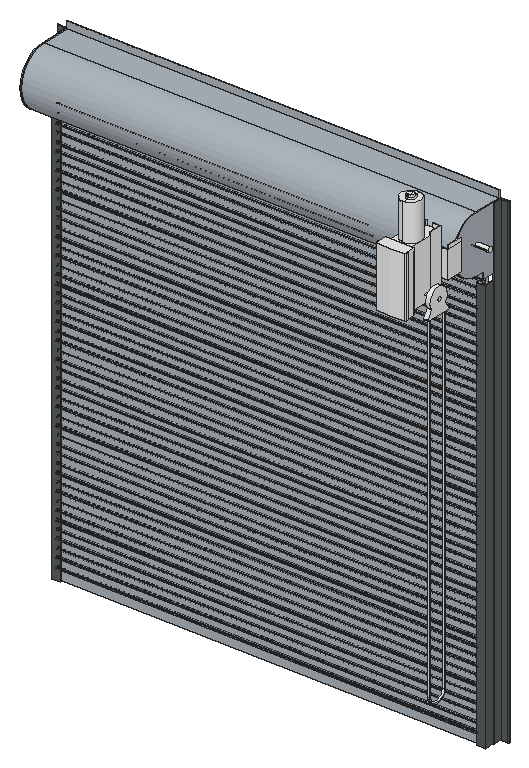
Revit family "Doors_Fire-Doors-Shutters_Wayne-Dalton_Insulated-Fire-Rated-Doors-FireStar-Model-700C_", category Specialty Equipment, host Wall, Revit 2019
Family settings
  Host = Wall
  Round Connector Dimension = Use Diameter
  Part Type = Normal
  OmniClass Number = 23.30.10.21.34
  OmniClass Title = Industrial Doors
  Always vertical = Yes
  Cut with Voids When Loaded = Yes
  Shared = No
  Room Calculation Point = No
Parameters (values of type "115 volts, one phase, 60 Hz (110-120V range)")
  X Motor [instance] = size_lookup(Lookup Table, if(Face Of Wall Mounting, "X Motor F", "X Motor B"), 10", Width Count, Height Count)  # 18 1/2"
  HM Warning [instance] = if(or(not(Chain Hoist), not(Lift Up)), size_lookup(Lookup Table, if(Face Of Wall Mounting, "Warning Motor F", "Warning Motor B"), 1, Width Count, Height Count) = 1, 0 = 1)  # no
  HC Warning [instance] = if(or(Chain Hoist, Lift Up), size_lookup(Lookup Table, if(Face Of Wall Mounting, "Warning Chain F", "Warning Chain B"), 1, Width Count, Height Count) = 1, 0 = 1)  # no
  Y Motor [instance] = size_lookup(Lookup Table, if(Face Of Wall Mounting, "Y Motor F", "Y Motor B"), 10", Width Count, Height Count)  # 17"
  Y Chain [instance] = size_lookup(Lookup Table, if(Face Of Wall Mounting, "Y Chain F", "Y Chain B"), 10", Width Count, Height Count)  # 17"
  Width Count [instance] = if(or(Opening Width < 120", Opening Width = 120"), 10, if(or(Opening Width < 192", Opening Width = 192"), 16, 20))  # 10
  Warning Sign [instance] = if(Calculated Area > 324.00 SF, 1 = 1, 1 = 2)  # no
  Warning (Note) [instance] = if(Warning Sign, "The Door Area is out of the limit; please adjust accordingly. The maximum allowed area is 324 sq. ft.", if(or(HM Warning, HC Warning), "Headroom Clearance Dimensions - out of the limits. Consult Factory", " "))  # " "
  Wall Thickness [instance] = 6"
  Voltage = 115 V
  True Opening Width [instance] = if(Between Jambs Mounting, Door Width True, Clear Width)  # 120"
  True Opening Height [instance] = if(Between Jambs Mounting, Clear Height + Headroom Height, Clear Height)  # 120"
  Slat Type [instance] = "№34"  # constant formula
  Slat Length [instance] = Clear Width + G Value * 2 - 1" / 2 * 2  # 124 5/8"
  Slat Height [instance] = 12 1/4"  # constant formula
  Slat [instance] = 1  # constant formula
  Side Room Right [instance] = 10"  # constant formula
  Side Room Left [instance] = 6"  # constant formula
  Product Page URL = "https://www.wayne-dalton.com/commercial-fire-doors-700c"
  Power Factor = 1
  Powder Coat (Note) = "Wayne Dalton also offers approximately 200 RAL powder coat options to complement the exterior colors of a building."  # constant formula
  Operator Visibility = yes
  Operation (Note) [instance] = "Door could operate by manual push, crank, electrical operator or chain hoist. Manual push up and crank could be used up to 80 sf, for larger door sizes you have to use Chain Hoist operator."  # constant formula
  Opening Width Real [instance] = if(Opening Width > Max Opening Width, Max Opening Width, if(Opening Width < Min Opening Width, Min Opening Width, Opening Width))  # 120"
  Opening Width [instance] = 120"
  Opening Height Real [instance] = if(Opening Height > Max Opening Height, Max Opening Height, if(Opening Height < Min Opening Height, Min Opening Height, Opening Height))  # 120"
  Opening Height [instance] = 120"
  One Array element [instance] = not(Array Vis)  # no
  Number of Poles = 1
  Motor Type [instance] = if(Between Jambs Mounting, "GCL Front of Hood", if(Motor Option < 2, "GCL Front of Hood", "GCL Wall Mount"))  # "GCL Front of Hood"
  Motor Selection (Note) [instance] = "Generic operator shown. Contact Wayne Dalton when dimensions are critical. "  # constant formula
  Motor Position [instance] = if(or(Chain Hoist, Lift Up, Motor Option Real = 1), G Value, 225/256" + 2 13/16")  # 2 13/16"
  Motor Option Real [instance] = if(Between Jambs Mounting, 1, if(Motor Option < 2, 1, 3))  # 1
  Motor Option [instance] = 1
  Min Opening Width [instance] = if(Between Jambs Mounting, 18" + Side Room Right + Side Room Left, 18")  # 18"
  Min Opening Height [instance] = if(Between Jambs Mounting, 24" + Headroom Height, 24")  # 24"
  Max Opening Width [instance] = 288"  # constant formula
  Max Opening Height [instance] = 288"  # constant formula
  Material Finish [instance] = 700C : Standard - Gray
  M Value [instance] = G Value + 1/2"  # 3 5/16"
  Lookup Table [instance] = "Hood Dimensions"  # constant formula
  Lift Up = no
  Jambs Offset L [instance] = if(Between Jambs Mounting, Side Room Left, 0")  # 0"
  Jambs Offset R [instance] = if(Between Jambs Mounting, Side Room Right, 0")  # 0"
  Installation Real [instance] = if(Between Jambs Mounting, if((Wall Thickness / 2 - Guid Depth / 2) < 0", 0", Wall Thickness / 2 - Guid Depth / 2), Wall Thickness)  # 6"
  Hood Type [instance] = "Round Hood"  # constant formula
  Hood Offset [instance] = 2"  # constant formula
  Hood Material [instance] = Metal - Wayne Dalton - Gray
  Hood Height [instance] = if(or(Chain Hoist, Lift Up), X Chain - 2", X Motor - 2")  # 16 1/2"
  X Chain [instance] = size_lookup(Lookup Table, if(Face Of Wall Mounting, "X Chain F", "X Chain B"), 10", Width Count, Height Count)  # 18 1/2"
  Height Count [instance] = if(or(Opening Height < 120", Opening Height = 120"), 10, if(or(Opening Height < 144", Opening Height = 144"), 12, if(or(Opening Height < 168", Opening Height = 168"), 14, if(or(Opening Height < 192", Opening Height = 192"), 16, if(or(Opening Height < 216", Opening Height = 216"), 18, 20)))))  # 10
  Headroom Height Lift [instance] = if(or(Chain Hoist, Lift Up), X Chain + Hood Offset, X Motor + Hood Offset)  # 20 1/2"
  Headroom Height [instance] = if(Between Jambs Mounting, Headroom Height Lift, Headroom Height Lift + 2")  # 22 1/2"
  Guide Type [instance] = if(Between Jambs Mounting, "Angled Between Jambs Z Guide", "Angled Z Guide")  # "Angled Z Guide"
  Guide Option [instance] = if(Between Jambs Mounting, 1, 2)  # 2
  Guid Depth [instance] = if(Between Jambs Mounting, D Value + 1/4", D Value)  # 5 1/2"
  G Value [instance] = 2 13/16"  # constant formula
  Frequency = 60 Hz
  Face of Wall Offset [instance] = if(Between Jambs Mounting, 0", 5")  # 5"
  Face Of Wall Mounting [instance] = not(Between Jambs Mounting)  # yes
  Door Width True [instance] = if(Between Jambs Mounting, Clear Width + Side Room Right + Side Room Left, Clear Width + M Value * 2)  # 126 5/8"
  Door Width (Real) [instance] = if(Between Jambs Mounting, Clear Width, Clear Width + 1" / 2)  # 120 1/2"
  Door Height True [instance] = Clear Width + Headroom Height  # 142 1/2"
  Door Height (Real) [instance] = Clear Height + Hood Offset  # 122"
  URL = "https://www.wayne-dalton.com/"
  Product data url = "https://www.bimobject.com/wayne-dalton/product/commercial-fire-doors-700c"
  Product Guid = "9f00e588-995a-41a3-b95e-30d0c432c3c2"
  Model = "700C"  # constant formula
  Manufacturer = "Wayne Dalton"  # constant formula
  Wall Closure = By host
  Floor To (CL) of Shaft [instance] = Clear Height + Hood Offset + 2" + Hood Height / 2  # 132 1/4"
  Finish Material = Finish - Wayne Dalton - Black
  Description = "FIRESTAR Model 700C Insulated Fire Door R-Value 5.0, U-Factor 0.2"  # constant formula
  D Value Clearance [instance] = if(Between Jambs Mounting, D Value + 1/4", D Value)  # 5 1/2"
  D Value [instance] = 5 1/2"  # constant formula
  Clearance [instance] = no
  Clear Width [instance] = if(Between Jambs Mounting, Opening Width Real - Side Room Right - Side Room Left, Opening Width Real)  # 120"
  Clear Height [instance] = if(Between Jambs Mounting, Opening Height Real - Headroom Height, Opening Height Real)  # 120"
  Chain Hoist = no
  Current = 20 A
  Connector Array Distance = 0"  # constant formula
  Connector Array = if(Chain Hoist, 2, 3)  # 3
  Between Jambs Mounting [instance] = no
  Bar [instance] = if(Face Of Wall Mounting, 1 = 1, 1 = 2)  # yes
  Backroom Depth [instance] = if(or(Chain Hoist, Lift Up), Y Chain, Y Motor)  # 17"
  BJ Opening Cut [instance] = if(Between Jambs Mounting, Headroom Height, 0")  # 0"
  Array Vis [instance] = if(Array < 2, 1 = 2, 1 = 1)  # yes
  Array Real [instance] = if(Array < 2, 2, Array)  # 10
  Array Length [instance] = (Array) * Slat Height  # 122 1/2"
  Array [instance] = rounddown(([Door Height (Real)] - 3") / Slat Height) + 1  # 10
  Calculated Area [instance] = [Door Width (Real)] * [Door Height (Real)]  # 102.09 SF
  Apparent Load Phase 3 = if(Number of Poles = 1, 0 VA, (Voltage * Current * sqrt(3)) / 3)  # 0 VA
  Apparent Load Phase 2 = if(Number of Poles = 1, 0 VA, (Voltage * Current * sqrt(3)) / 3)  # 0 VA
  Apparent Load Phase 1 = if(Number of Poles = 1, Voltage * Current, (Voltage * Current * sqrt(3)) / 3)  # 2300 VA
Reference planes (in)
  plane 1 "Center (Front/Back)": y = -14.625
  plane 2 "Center (Left/Right)": x = 0
  plane 3 "Left": x = -60
  plane 4 "Right": x = 60
  plane 5 "Exterior": y = -8.625
  plane 6 "Interior": y = -14.625
  plane 7: x = 70
  plane 8: x = -66
  plane 9: z = 120
  plane 10 "Main": y = -19.48437
  plane 11 "Backroom Depth": y = -31.625
  plane 12 "Main Door Block": y = -14.625
  plane 13 "Bottom Bar": z = 2.75
  plane 14: y = -20.125
  plane 15: z = 125.25
  plane 16: z = 140.5
  plane 17: z = 122
  plane 18: z = 142.5
  plane 19: z = 0
  plane 20: z = 60
  plane 21: y = -19.375
  plane 22 "Double Main": y = -18.906
  plane 23 "Headroom Top": z = 142.5
  plane 24: z = 132.25
  plane 25: x = 62.8125
  plane 26: x = -62.8125
  plane 27: z = 113
  plane 28: z = 124
  plane 29: x = 62.8125
  plane 30: x = -66
  plane 31: x = 70
  plane 32: z = 2.75
  plane 33: y = -19.375
  plane 34: z = 113
  plane 35: y = -19.375
  plane 36: z = 15
  plane 37: y = -19.375
  plane 38: z = 27.25
  plane 39: y = -19.375
  plane 40: z = 39.5
  plane 41: y = -19.375
  plane 42: z = 51.75
  plane 43: y = -19.375
  plane 44: z = 64
  plane 45: y = -19.375
  plane 46: z = 76.25
  plane 47: y = -19.375
  plane 48: z = 88.5
  plane 49: y = -19.375
  plane 50: z = 100.75
  plane 51: y = -19.375
Forms (in)
  Extrusion 1, void
    sketch origin (0, -14.625, 0) x (0, 0, -1) y (-1, 0, 0)
      loop
        line (-120, 60) -> (-120, -60) -> (0, -60) -> (0, 60) -> (-120, 60)
    from 0 to 6
  Extrusion 2, solid, material "Metal - Wayne Dalton - Gray" <- "Hood Material", visible <- "Bar"
    sketch origin (0, 0, 0) x (0, 1, 0) y (0, 0, 1)
      loop
        line (-14.875, 140.5) -> (-14.625, 140.5) -> (-14.625, 142.5) -> (-14.875, 142.5) -> (-14.875, 140.5)
    from -62.5625 to 62.5625
  Extrusion 3, solid, material "Clearance - Wayne Dalton - Red", visible <- "Clearance"
    sketch origin (0, 0, 0) x (1, 0, 0) y (0, 1, 0)
      loop
        line (70, -14.625) -> (60, -14.625) -> (60, -20.125) -> (70, -20.125) -> (70, -14.625)
      loop
        line (-60, -14.625) -> (-66, -14.625) -> (-66, -20.125) -> (-60, -20.125) -> (-60, -14.625)
    from 0 to 122
Lines and regions (in)
  symbolic lines, visible <- "Bar"
    curve 1: line (62.5625, -14.625, 0) -> (-62.5625, -14.625, 0)
    curve 2: line (-62.5625, -14.875, 0) -> (62.5625, -14.875, 0)
Text (in)
  text "Exterior" at (-74.96733, 27.31104, 0), in view "Ref. Level"
  text "Interior" at (-74.96733, -25.14366, 0), in view "Ref. Level"
  text "Exterior" at (0, 40.15149, 123.01588), in view "Right"
  text "Interior" at (0, -64.39139, 123.01588), in view "Right"
  text "Interior" at (0, -31.01599, 123.00693), in view "Left"
  text "Exterior" at (0, 54.57065, 123.00693), in view "Left"
Dimensions and locks (in)
  equal spacing: plane 3 "Left", plane 2 "Center (Left/Right)", plane 4 "Right"
  "Clear Width": plane 3 "Left" to plane 4 "Right"
  level to host wall = 459.59655"
  "Clear Height": level to plane 9
  plane 7 to plane 8 = 136"
  locked: plane 13 "Bottom Bar" to level at 2.75
  locked: plane 14 to plane 10 "Main" at 0.64063
  "Array Length": plane 15 to plane 13 "Bottom Bar"
  "Backroom Depth": plane 11 "Backroom Depth" to plane 12 "Main Door Block"
  locked: plane 18 to plane 16 at 2
  locked: Extrusion 2 sketch curve to Extrusion 2 sketch curve at 0.25
  "Installation Real": plane 1 "Center (Front/Back)" to plane 5 "Exterior"
  "Wall Thickness": host wall to host wall
  equal spacing: plane 9, plane 20, plane 19
  locked: plane 10 "Main" to plane 21 at 0.10937
  locked: plane 10 "Main" to plane 22 "Double Main" at 0.57837
  "BJ Opening Cut": Extrusion 1 sketch curve to plane 9
  locked: Extrusion 2 sketch curve to Extrusion 2 sketch curve at 2
  "Hood Offset": plane 17 to plane 9
  "Headroom Height": plane 23 "Headroom Top" to plane 9
  "Floor To (CL) of Shaft": plane 24 to level
  "Jambs Offset R": plane 4 "Right" to Extrusion 1 sketch curve
  "Jambs Offset L": Extrusion 1 sketch curve to plane 3 "Left"
  "G Value": plane 25 to plane 4 "Right"
  "G Value": plane 3 "Left" to plane 26
  "Guid Depth": plane 14 to plane 1 "Center (Front/Back)"
  "Slat Height": plane 15 to plane 27
  equal spacing: group 1, group 3, group 4, group 5, group 6, group 7, group 8, group 9, group 10, group 2  (x3)
  "Side Room Right": plane 4 "Right" to plane 7
  "Side Room Left": plane 8 to plane 3 "Left"
  locked: plane 25 to Extrusion 2 at 0.25
  locked: plane 26 to Extrusion 2 at 0.25
  locked: plane 28 to plane 17 at 2
  "Hood Height": plane 16 to plane 28
  "Motor Position": plane 4 "Right" to plane 29
  "Side Room Left": plane 30 to plane 3 "Left"
  "Side Room Right": plane 4 "Right" to plane 31
  "D Value Clearance": Extrusion 3 sketch curve to Extrusion 3 sketch curve
  aligned and locked: plane 5 "Exterior" to host wall
  aligned and locked: host wall to plane 6 "Interior"
  aligned and locked: level to Extrusion 1 sketch curve
  aligned and locked: Extrusion 1 to plane 5 "Exterior"
  aligned and locked: plane 6 "Interior" to Extrusion 1
  aligned and locked: plane 16 to nested 1
  aligned and locked: Extrusion 2 sketch curve to plane 18
  aligned and locked: plane 6 "Interior" to Extrusion 2 sketch curve
  aligned and locked: curve 1 to Extrusion 2  (x2)
  aligned and locked: curve 2 to Extrusion 2  (x2)
  aligned and locked: Extrusion 2 to curve 2
  aligned and locked: nested 1 to plane 5 "Exterior"
  aligned and locked: level to plane 19
  aligned and locked: plane 2 "Center (Left/Right)" to nested 2
  aligned and locked: nested 3 to plane 2 "Center (Left/Right)"
  aligned and locked: nested 4 to plane 20
  aligned and locked: plane 2 "Center (Left/Right)" to nested 4
  aligned and locked: plane 13 "Bottom Bar" to nested 6
  aligned and locked: plane 21 to nested 6
  aligned and locked: nested 4 to plane 21
  aligned and locked: plane 19 to nested 13
  aligned and locked: nested 13 to plane 2 "Center (Left/Right)"
  aligned and locked: nested 13 to plane 1 "Center (Front/Back)"
  aligned and locked: nested 1 to plane 29
  aligned and locked: Extrusion 3 sketch curve to plane 1 "Center (Front/Back)"
  aligned and locked: Extrusion 3 sketch curve to plane 31
  aligned and locked: Extrusion 3 sketch curve to plane 4 "Right"
  aligned and locked: plane 1 "Center (Front/Back)" to Extrusion 3 sketch curve
  aligned and locked: Extrusion 3 sketch curve to plane 30
  aligned and locked: Extrusion 3 sketch curve to plane 3 "Left"
  aligned and locked: Extrusion 3 sketch curve to Extrusion 3 sketch curve
  aligned and locked: Extrusion 3 to level
  aligned and locked: plane 17 to Extrusion 3
  aligned and locked: plane 13 "Bottom Bar" to plane 32
  aligned and locked: plane 21 to plane 33
  aligned and locked: plane 27 to plane 34
  aligned and locked: plane 35 to plane 21
  aligned and locked: plane 12 "Main Door Block" to plane 1 "Center (Front/Back)"
Automatic sketch dimensions
  plane 25 to curve 1 = 1/4"
Nested families (in)
  nested 1: "Motor" at (57.873, -39.205, 121.18), visible <- "Operator Visibility", type "Trolley Motor"
    with Vertical Mount 19.32", Hood Width Real 17", Hood Width 17", Hood Height 16 1/2", Floor To Cl Shaft 132 1/4", Box Width 25 1/2"
  nested 2: "Label Annotation 1" at (0, 18.375, 0), visible <- "Warning Sign", type "Label Annotation 1"
  nested 3: "Label Annotation 1" at (0, -41.625, 0) x (-1, 0, 0) z (0, 0, 1), visible <- "Warning Sign", type "Label Annotation 1"
  nested 4: "Warning Sign" at (0, -19.375, 60), visible <- "Warning Sign", type "Warning Sign"
    with Warning Sign no
  nested 5: "700C" at (0, -19.375, 2.75), Opening Width <- "Slat Length", type <- "Material Finish", visible <- "Array Vis", type "Standard - Gray"
    with Void Width 3/4", Void Offset 1", Void Height 3/4", Slat Width 3/4", Slat Position + Offset 13.146", Slat Position 12 1/4", Slat Option 1, Secure-Vent no, Profile #34 yes, Perforation no, Opening Width 124 5/8", Integrated Cutout no, Half Void Width 3/8", Fenestration no, Cutout Width Offset 1", Cutout Vertical Offset 0.896", #4 no, # 34 yes
  nested 6: "700C" at (0, -19.375, 2.75), visible <- "One Array element", Opening Width <- "Slat Length", type <- "Material Finish", type "Standard - Gray"
    with Void Width 3/4", Void Offset 1", Void Height 3/4", Slat Width 3/4", Slat Position + Offset 13.146", Slat Position 12 1/4", Slat Option 1, Secure-Vent no, Profile #34 yes, Perforation no, Opening Width 124 5/8", Integrated Cutout no, Half Void Width 3/8", Fenestration no, Cutout Width Offset 1", Cutout Vertical Offset 0.896", #4 no, # 34 yes
  nested 7: "700C" at (0, -19.375, 113), Opening Width <- "Slat Length", type <- "Material Finish", visible <- "Array Vis", type "Standard - Gray"
    with Void Width 3/4", Void Offset 1", Void Height 3/4", Slat Width 3/4", Slat Position + Offset 13.146", Slat Position 12 1/4", Slat Option 1, Secure-Vent no, Profile #34 yes, Perforation no, Opening Width 124 5/8", Integrated Cutout no, Half Void Width 3/8", Fenestration no, Cutout Width Offset 1", Cutout Vertical Offset 0.896", #4 no, # 34 yes
  nested 8: "700C" at (0, -19.375, 15), Opening Width <- "Slat Length", type <- "Material Finish", visible <- "Array Vis", type "Standard - Gray"
    with Void Width 3/4", Void Offset 1", Void Height 3/4", Slat Width 3/4", Slat Position + Offset 13.146", Slat Position 12 1/4", Slat Option 1, Secure-Vent no, Profile #34 yes, Perforation no, Opening Width 124 5/8", Integrated Cutout no, Half Void Width 3/8", Fenestration no, Cutout Width Offset 1", Cutout Vertical Offset 0.896", #4 no, # 34 yes
  nested 9: "700C" at (0, -19.375, 27.25), Opening Width <- "Slat Length", type <- "Material Finish", visible <- "Array Vis", type "Standard - Gray"
    with Void Width 3/4", Void Offset 1", Void Height 3/4", Slat Width 3/4", Slat Position + Offset 13.146", Slat Position 12 1/4", Slat Option 1, Secure-Vent no, Profile #34 yes, Perforation no, Opening Width 124 5/8", Integrated Cutout no, Half Void Width 3/8", Fenestration no, Cutout Width Offset 1", Cutout Vertical Offset 0.896", #4 no, # 34 yes
  nested 10: "700C" at (0, -19.375, 39.5), Opening Width <- "Slat Length", type <- "Material Finish", visible <- "Array Vis", type "Standard - Gray"
    with Void Width 3/4", Void Offset 1", Void Height 3/4", Slat Width 3/4", Slat Position + Offset 13.146", Slat Position 12 1/4", Slat Option 1, Secure-Vent no, Profile #34 yes, Perforation no, Opening Width 124 5/8", Integrated Cutout no, Half Void Width 3/8", Fenestration no, Cutout Width Offset 1", Cutout Vertical Offset 0.896", #4 no, # 34 yes
  nested 11: "700C" at (0, -19.375, 51.75), Opening Width <- "Slat Length", type <- "Material Finish", visible <- "Array Vis", type "Standard - Gray"
    with Void Width 3/4", Void Offset 1", Void Height 3/4", Slat Width 3/4", Slat Position + Offset 13.146", Slat Position 12 1/4", Slat Option 1, Secure-Vent no, Profile #34 yes, Perforation no, Opening Width 124 5/8", Integrated Cutout no, Half Void Width 3/8", Fenestration no, Cutout Width Offset 1", Cutout Vertical Offset 0.896", #4 no, # 34 yes
  nested 12: "700C" at (0, -19.375, 64), Opening Width <- "Slat Length", type <- "Material Finish", visible <- "Array Vis", type "Standard - Gray"
    with Void Width 3/4", Void Offset 1", Void Height 3/4", Slat Width 3/4", Slat Position + Offset 13.146", Slat Position 12 1/4", Slat Option 1, Secure-Vent no, Profile #34 yes, Perforation no, Opening Width 124 5/8", Integrated Cutout no, Half Void Width 3/8", Fenestration no, Cutout Width Offset 1", Cutout Vertical Offset 0.896", #4 no, # 34 yes
  nested 13: "Lifts" at (0, -14.625, 0) x (-1, 0, 0) z (0, 0, 1), type "Frame Unit"
    with Round Hood yes, No Hood no, Void Offset 2", Side Clearance R 10", Side Clearance L 6", Manual no, Hood Height 18 1/2", Headroom Height Real 20 1/2", Half Hood Height 18 1/2", Shaft Offset 8 1/4", Radius Hood 8 1/4", Headroom Height 20 1/2", Header Width 17", Floor To (CL) of Shaft 132 1/4"
  nested 14: "700C" at (0, -19.375, 76.25), Opening Width <- "Slat Length", type <- "Material Finish", visible <- "Array Vis", type "Standard - Gray"
    with Void Width 3/4", Void Offset 1", Void Height 3/4", Slat Width 3/4", Slat Position + Offset 13.146", Slat Position 12 1/4", Slat Option 1, Secure-Vent no, Profile #34 yes, Perforation no, Opening Width 124 5/8", Integrated Cutout no, Half Void Width 3/8", Fenestration no, Cutout Width Offset 1", Cutout Vertical Offset 0.896", #4 no, # 34 yes
  nested 15: "700C" at (0, -19.375, 88.5), Opening Width <- "Slat Length", type <- "Material Finish", visible <- "Array Vis", type "Standard - Gray"
    with Void Width 3/4", Void Offset 1", Void Height 3/4", Slat Width 3/4", Slat Position + Offset 13.146", Slat Position 12 1/4", Slat Option 1, Secure-Vent no, Profile #34 yes, Perforation no, Opening Width 124 5/8", Integrated Cutout no, Half Void Width 3/8", Fenestration no, Cutout Width Offset 1", Cutout Vertical Offset 0.896", #4 no, # 34 yes
  nested 16: "700C" at (0, -19.375, 100.75), Opening Width <- "Slat Length", type <- "Material Finish", visible <- "Array Vis", type "Standard - Gray"
    with Void Width 3/4", Void Offset 1", Void Height 3/4", Slat Width 3/4", Slat Position + Offset 13.146", Slat Position 12 1/4", Slat Option 1, Secure-Vent no, Profile #34 yes, Perforation no, Opening Width 124 5/8", Integrated Cutout no, Half Void Width 3/8", Fenestration no, Cutout Width Offset 1", Cutout Vertical Offset 0.896", #4 no, # 34 yes
Connectors (in)
  electrical at (60.861, -39.51377, 131.7498), driven by "Apparent Load Phase 1", driven by "Power Factor", driven by "Voltage", driven by "Apparent Load Phase 2", driven by "Apparent Load Phase 3", driven by "Number of Poles"
    settings: on nested 1, index 1, voltage 115 V, apparent load 0 VA, apparent load phase1 2300 VA, apparent load phase2 0 VA, apparent load phase3 0 VA, power factor 1, load classification "Other", number of poles 1, system type 31, power factor state 1, is connector primary yes, connector utility no, sub classification motor no, connector description "Electrical Connector"
Definition of nested family "Motor"
  Parameters (values of type "Trolley Motor")
    Wall Mount = if(Main Motor, if(Motor Option > 1, 1 = 1, 1 = 2), 1 = 2)  # no
    Side Room = 10"
    Real Exterior Wall Offset = if(Wall Mount, Displacement, Exterior Wall Offset)  # 6"
    Offset = Side Room - G Value  # 7 3/16"
    Manual = no
    Main Motor = if(or(Manual, Chain Hoist), 1 = 2, 1 = 1)  # yes
    Horizontal Mount = if(Face Mount, 5.08" + 0.12" + 2.38", if(Wall Mount, 5.08", 0"))  # 7.58"
    Vertical Mount = if(Face Mount, 11.07" + Hood Height / 2, if(Wall Mount, 20.03" + 6" + Hood Height / 2, Hood Height))  # 18.57"
    Motor Type = if(Motor Option < 2, "RSX FDO Face Mount", if(Motor Option = 2, "RSX FDO Top Mount", if(Motor Option = 3, "RSX Wall Mount", if(Motor Option = 4, "RSX Bench Mount", "Chain Hoist"))))  # "RSX FDO Face Mount"
    Motor Option = 1
    Main Material = none
    Hood Width Real = if(Wall Mount, 0", Hood Width)  # 18 1/2"
    Hood Width = 18 1/2"
    Hood Material = none
    Hood Height = 15"
    Hood Mount = if(Face Mount, 0.37", if(Wall Mount, 14.74", 0"))  # 0.37"
    G Value = 2 13/16"
    Floor To Cl Shaft = 131 1/2"
    Top Option Offset = 0"  # constant formula
    Face Mount = if(Main Motor, if(Motor Option < 2, 1 = 1, 1 = 2), 1 = 2)  # yes
    Exterior Wall Offset = 6"
    Displacement = 6"
    Default Elevation = 48"
    Chain V Offset = if(or(Face Mount, Wall Mount), 4 1/2", Hood Height / 2)  # 4 1/2"
    Chain Offset = if((Floor To Cl Shaft - Hood Height / 2) < 35", Floor To Cl Shaft - Hood Height / 2 - 5", 30")  # 30"
    Chain H Offset = 0"  # constant formula
    Chain Hoist = no
    Box Width = if(BJ, Hood Width + 8", Hood Width + 8 1/2")  # 27"
    Box BJ offset = 0"  # constant formula
    BJ Displacement = 3"
    BJ = no
    Angle = 180.00°  # constant formula
  Reference planes (in)
    plane 1 "Center (Front/Back)": y = 0
    plane 2: z = 0
    plane 3 "Center (Left/Right)": x = 0
    plane 4: y = 0
    plane 5: y = 0
    plane 6: z = -127
    plane 7: z = -97
    plane 8: z = 4.5
    plane 9 "Chain Hoist": z = 4.5
    plane 10 "Top Of Hood": z = 18.57
    plane 11: y = 7.58
    plane 12: z = 0
    plane 13 "Hood Face": x = 4.9395
    plane 14: x = 5.3095
    plane 15: y = 26.08
    plane 16 "Wall": y = 32.08
    plane 17: z = 0.2198
    plane 18: y = 16.83
    plane 19: x = 12.497
    plane 20: z = 3.57
    plane 21: z = 11.07
    plane 22: z = -120.43
    plane 23: z = -90.43
    plane 24: z = 11.07
    plane 25: z = 5.0698
  Forms (in)
    Extrusion 1, solid, material <- "Main Material", visible <- "Main Motor"
      sketch origin (0, 0, 18.8898) x (1, 0, 0) y (0, 1, 0)
        loop
          line (-4.134, -5.81907) -> (4.116, -5.81907) -> (4.116, -5.69947) -> (3.108, -5.69947)
          arc (3.108, -5.69947) -> (3.02315, -5.66432) -> (2.988, -5.57947) r 0.12
          line (2.988, -5.57947) -> (2.988, 4.96193) -> (-2.988, 4.96193) -> (-2.988, -5.57947)
          arc (-2.988, -5.57947) -> (-3.02315, -5.66432) -> (-3.108, -5.69947) r 0.12
          line (-3.108, -5.69947) -> (-4.134, -5.69947) -> (-4.134, -5.81907)
      from -16.64 to 0
    Extrusion 2, solid, material <- "Main Material", visible <- "Main Motor"
      sketch origin (0, 0, 18.8898) x (-1, 0, 0) y (0, -1, 0)
        loop
          line (4.134, 5.81907) -> (4.134, 8.46165) -> (4.3324, 8.46165) -> (4.3324, 8.7182)
          arc (4.3324, 8.7182) -> (4.24466, 8.95685) -> (4.02324, 9.08185) r 0.36846
          arc (4.02324, 9.08185) -> (0, 9.4077) -> (-4.02324, 9.08185) r 25
          arc (-4.02324, 9.08185) -> (-4.24466, 8.95685) -> (-4.3324, 8.7182) r 0.36846
          line (-4.3324, 8.7182) -> (-4.3324, 8.46165) -> (-4.116, 8.46165) -> (-4.116, 5.81907) -> (4.134, 5.81907)
      from -17 to 0.35839
    Extrusion 3, solid, material <- "Main Material", visible <- "Wall Mount"
      sketch origin (0, 0, 18.8898) x (1, 0, 0) y (0, 1, 0)
        loop
          line (-2.988, 5.08193) -> (-4.988, 5.08193) -> (-4.988, 4.96193) -> (-3.108, 4.96193) -> (-3.108, 1.46193) -> (-2.988, 1.46193) -> (-2.988, 5.08193)
        loop
          line (2.988, 5.08193) -> (2.988, 1.46193) -> (3.108, 1.46193) -> (3.108, 4.96193) -> (4.988, 4.96193) -> (4.988, 5.08193) -> (2.988, 5.08193)
      from -16.64 to 1.14
    Extrusion 4, solid, material <- "Main Material", visible <- "Main Motor"
      sketch origin (-1.65311, 0.00141, 3.59957) x (0, 0, 1) y (0, -1, 0)
        loop
          arc (-0.94556, -2.36341) -> (3.90043, 0.00141) -> (-0.94556, 2.36622) r 3
          line (-0.94556, 2.36622) -> (-3.12826, 3.62641) -> (-3.37977, 3.62641) -> (-3.37977, -3.62359) -> (-3.12826, -3.62359) -> (-0.94556, -2.36341)
      from 8.2495 to 7
    Sweep 5, solid, material <- "Main Material", visible <- "Main Motor"
      path origin (5.96602, 9.53, 48) x (0, 1, 0) y (0, 0, 1)
        loop
          line (-12.53, -47.7802) -> (-12.53, -145)
          arc (-12.53, -145) -> (-9.53, -148) -> (-6.53, -145) r 3
          line (-6.53, -145) -> (-6.53, -47.7802)
      profile origin (5.96602, -3, -48.3901) x (1, 0, 0) y (0, 1, 0)
        loop
          circle (0, 0.25) r 0.25
    Extrusion 6, solid, material <- "Main Material", visible <- "Main Motor"
      sketch origin (0, 0.00141, 3.59957) x (0, 0, 1) y (0, -1, 0)
        loop
          circle (0.90043, 0.00141) r 0.4
      from 6.8795 to 0
    Extrusion 7, solid, material <- "Main Material", visible <- "Face Mount"
      sketch origin (0, 0, 18.8898) x (1, 0, 0) y (0, 1, 0)
        loop
          line (5.3095, 5.08193) -> (5.3095, 9.82193) -> (5.1895, 9.82193) -> (5.1895, 5.20193) -> (-2.988, 5.20193) -> (-2.988, 5.08193) -> (5.3095, 5.08193)
      from -12.32 to -4.32
    Extrusion 8, solid, material <- "Main Material", visible <- "Face Mount"
      sketch origin (0.25, 0, 18.8898) x (1, 0, 0) y (0, 1, 0)
        loop
          line (-3.358, 5.08193) -> (-3.358, 1.46193) -> (-3.238, 1.46193) -> (-3.238, 4.96193) -> (-1.238, 4.96193) -> (-1.238, 5.08193) -> (-3.358, 5.08193)
        loop
          line (2.858, 5.08193) -> (0.738, 5.08193) -> (0.738, 4.96193) -> (2.738, 4.96193) -> (2.738, 1.46193) -> (2.858, 1.46193) -> (2.858, 5.08193)
      from -16.64 to 1.14
    Extrusion 9, solid, material <- "Main Material", visible <- "Face Mount"
      sketch origin (0, 0, 0) x (0, 0, 1) y (0, -1, 0)
        loop
          line (15.5698, -5.33193) -> (6.5698, -5.33193) -> (6.5698, -9.82193) -> (15.5698, -9.82193) -> (15.5698, -5.33193)
      from 4.9395 to 5.1895
    Revolve 10, solid, material <- "Main Material", visible <- "Main Motor"
      sketch origin (0, 0, 0) x (0, 0, 1) y (0, -1, 0)
        loop
          line (18.8898, -1.13053) -> (29.4398, -1.13053) -> (29.4398, 0.44447) -> (29.8198, 0.44447) -> (29.8198, 0.87447) -> (30.2198, 0.87447) -> (30.2198, 1.72447) -> (18.8898, 1.72447) -> (18.8898, -1.13053)
        axis (30.2198, 1.72447) -> (18.8898, 1.72447)
      angle from 0 to 360
    Extrusion 11, solid, material <- "Hood Material", visible <- "Manual"
      sketch origin (0, 0, 0) x (1, 0, 0) y (0, 1, 0)
        loop
          line (5.3095, 26.08) -> (5.3095, -0.92) -> (12.497, -0.92) -> (12.497, 26.08) -> (5.3095, 26.08)
      from 3.57 to 18.57
    Extrusion 12, solid, material <- "Main Material", visible <- "Chain Hoist"
      sketch origin (5.3095, 7.58, 11.07) x (0, 1, 0) y (-1, 0, 0)
        loop
          line (0, 0) -> (0, 8) -> (-10.5, 8) -> (-10.5, -0.25) -> (2.5, -0.25) -> (2.5, 0) -> (0, 0)
      from -4.5 to 4.5
    Extrusion 13, void
      sketch origin (5.3095, 7.58, 11.07) x (0, 1, 0) y (-1, 0, 0)
        loop
          line (-10.5, 0) -> (0, 0) -> (0, 8) -> (-10.5, 8) -> (-10.5, 0)
      from 3.5 to 7
    Extrusion 14, solid, material <- "Main Material", visible <- "Chain Hoist"
      sketch origin (5.3095, 7.58, 11.07) x (0, 1, 0) y (0, 0, -1)
        loop
          circle (-6.5, 0) r 5.5
      from -0.45688 to -1.28689
    Extrusion 15, solid, material <- "Main Material", visible <- "Chain Hoist"
      sketch origin (5.3095, 7.58, 11.07) x (0, 1, 0) y (0, 0, -1)
        loop
          arc (-0.5, -1) -> (-0.73394, 2.53457) -> (0, 6) r 12.93147
          line (0, 6) -> (-2.75, 6)
          spline (-2.75, 6) -> (-2.46785, 5.32328) -> (-2.28806, 4.6737) -> (-2.20356, 4.0573) -> (-2.20727, 3.48012) -> (-2.29211, 2.9482) -> (-2.45102, 2.4676) -> (-2.67691, 2.04435) -> (-2.96272, 1.6845) -> (-3.30136, 1.3941) -> (-3.68576, 1.17918) -> (-4.10885, 1.0458) -> (-4.56355, 1)
          line (-4.56355, 1) -> (-8.43645, 1)
          spline (-8.43645, 1) -> (-8.89115, 1.0458) -> (-9.31424, 1.17918) -> (-9.69864, 1.3941) -> (-10.03728, 1.6845) -> (-10.32309, 2.04435) -> (-10.54898, 2.4676) -> (-10.70789, 2.9482) -> (-10.79273, 3.48012) -> (-10.79644, 4.0573) -> (-10.71194, 4.6737) -> (-10.53215, 5.32328) -> (-10.25, 6)
          line (-10.25, 6) -> (-13, 6)
          arc (-13, 6) -> (-12.26606, 2.53457) -> (-12.5, -1) r 12.93147
          line (-12.5, -1) -> (-0.5, -1)
      from -1.45525 to -0.25
    Extrusion 16, solid, material <- "Main Material", visible <- "Chain Hoist"
      sketch origin (5.3095, 7.58, 11.07) x (0, 1, 0) y (0, 0, -1)
        loop
          circle (-6.5, 0) r 0.5
      from -1.57 to -0.25
    Sweep 17, solid, material <- "Main Material", visible <- "Chain Hoist"
      path origin (6.16213, 0, 8.25) x (0, 1, 0) y (0, 0, -1)
        loop
          line (-3.92, 3.1802) -> (-3.92, 98.68)
          arc (-3.92, 98.68) -> (1.08, 103.68) -> (6.08, 98.68) r 5
          line (6.08, 98.68) -> (6.08, 3.1802)
      profile origin (6.16213, -3.92, -42.6801) x (-1, 0, 0) y (0, -1, 0)
        loop
          circle (0, 0.25) r 0.25
  Cuts and joins
    Extrusion 13 cuts Extrusion 12
    joined: Extrusion 14, Extrusion 15
  Lines and regions (in)
    Masking region 1, visible <- "Manual"
      outline origin (0, -0.25, 0) x (1, 0, 0) y (0, 1, 0)
        loop
          line (5.3095, 26.33) -> (5.3095, -0.67) -> (12.497, -0.67) -> (12.497, 26.33) -> (5.3095, 26.33)
    Masking region 2, visible <- "Chain Hoist"
      outline origin (10.85425, 6.58, 11.07) x (0, 1, 0) y (-1, 0, 0)
        loop
          line (-12, 5.29475) -> (-12, 4.0895) -> (-6, 4.0895) -> (-6, 3.97475) -> (-5, 3.97475) -> (-5, 4.0895) -> (1, 4.0895) -> (1, 5.29475) -> (3.5, 5.29475) -> (3.5, 5.54475) -> (1, 5.54475) -> (1, 13.54475) -> (-9.5, 13.54475) -> (-9.5, 5.29475) -> (-12, 5.29475)
    reference lines
      curve 1: line (0, 0, 0) -> (0, 0, 18.8898)
      curve 2: line (5.3095, 7.58, 11.07) -> (5.3095, 13.83, 11.07)
      curve 11: line (0, 0, 18.8898) -> (-8.25, 0, 18.8898)
    symbolic lines, visible <- "Chain Hoist"
      curve 3: line (5.5595, -5.42, 11.07) -> (5.5595, 7.58, 11.07)
      curve 4: line (5.5595, 7.08, 11.07) -> (6.76475, 7.08, 11.07)
      curve 5: line (5.5595, -4.92, 11.07) -> (6.76475, -4.92, 11.07)
      curve 6: line (5.76638, 6.48833, 11.07) -> (6.59639, 6.48833, 11.07)
      curve 7: line (5.76638, -4.32833, 11.07) -> (5.76638, 6.48833, 11.07)
      curve 8: line (6.59639, -4.32833, 11.07) -> (5.76638, -4.32833, 11.07)
      curve 9: line (6.59639, 6.48833, 11.07) -> (6.59639, -4.32833, 11.07)
      curve 10: line (6.76475, -5.42, 11.07) -> (6.76475, 7.58, 11.07)
  Dimensions and locks (in)
    Extrusion 3 sketch curve to Extrusion 3 sketch curve = 3.62"
    locked: Extrusion 3 sketch curve to Extrusion 3 sketch curve at 0.12  (x3)
    "Chain H Offset": plane 4 to plane 5
    "Chain Offset": plane 7 to plane 6
    locked: Sweep 5 sketch curve to profile plane at 0
    locked: profile plane to Sweep 5 sketch curve at 0.25
    locked: Sweep 5 sketch curve to Sweep 5 sketch curve at 6
    "Floor To Cl Shaft": plane 8 to plane 6
    "Horizontal Mount": plane 1 "Center (Front/Back)" to plane 11
    Extrusion 8 sketch curve to Extrusion 8 sketch curve = 3.62"
    locked: Extrusion 8 sketch curve to Extrusion 8 sketch curve at 0.12  (x3)
    "Top Option Offset": level to plane 12
    "Chain V Offset": plane 9 "Chain Hoist" to plane 12
    equal spacing: Sweep 5 sketch curve, plane 5, Sweep 5 sketch curve
    "Vertical Mount": plane 10 "Top Of Hood" to plane 12
    locked: Extrusion 2 sketch curve to Extrusion 2 sketch curve at 8.25
    locked: Extrusion 2 sketch curve to Extrusion 2 sketch curve at 2.64258
    locked: plane 3 "Center (Left/Right)" to plane 14 at 5.3095
    "Hood Mount": plane 13 "Hood Face" to plane 14
    locked: Extrusion 7 sketch curve to Extrusion 7 sketch curve at 0.12  (x2)
    locked: Extrusion 7 sketch curve to curve 1 at 5.08193
    "Hood Width Real": plane 11 to plane 15
    "Real Exterior Wall Offset": plane 15 to plane 16 "Wall"
    locked: Extrusion 7 sketch curve to Extrusion 7 sketch curve at 4.62
    locked: Extrusion 1 sketch curve to Extrusion 1 sketch curve at 0.1196
    locked: Extrusion 1 sketch curve to Extrusion 1 sketch curve at 5.976
    equal spacing: Extrusion 1 sketch curve, curve 1, Extrusion 1 sketch curve
    locked: curve 1 to Extrusion 1 sketch curve at 5.81907
    locked: Extrusion 1 sketch curve to Extrusion 1 sketch curve at 10.781
    locked: Extrusion 8 sketch curve to curve 1 at 1.46193
    equal spacing: Extrusion 3 sketch curve, curve 1, Extrusion 3 sketch curve
    locked: Extrusion 3 sketch curve to curve 1 at 1.46193
    locked: Extrusion 9 sketch curve to Extrusion 9 sketch curve at 4.49
    locked: Extrusion 9 sketch curve to Extrusion 9 sketch curve at 9
    locked: Extrusion 9 sketch curve to curve 1 at 9.82193
    locked: Extrusion 9 sketch curve to curve 1 at 6.5698
    locked: Extrusion 3 sketch curve to Extrusion 3 sketch curve at 5.976
    locked: Extrusion 8 sketch curve to plane 3 "Center (Left/Right)" at 2.988
    locked: plane 3 "Center (Left/Right)" to Extrusion 8 sketch curve at 3.108
    locked: Extrusion 3 sketch curve to Extrusion 3 sketch curve at 2
    locked: Extrusion 3 sketch curve to Extrusion 3 sketch curve at 1.88
    locked: Extrusion 7 sketch curve to Extrusion 7 sketch curve at 8.2975
    locked: curve 1 to Extrusion 7 sketch curve at 5.3095
    locked: Extrusion 1 sketch curve to Extrusion 1 sketch curve at 1.128
    locked: Extrusion 1 sketch curve to Extrusion 1 sketch curve at 1.146
    Revolve 10 sketch curve to Revolve 10 sketch curve to Revolve 10 sketch curve to Revolve 10 sketch curve = 0.85" locked, 0.43" locked, 1.575" locked
    locked: Extrusion 4 sketch curve to Extrusion 4 sketch curve at 4.2802
    locked: Extrusion 4 sketch curve to Extrusion 4 sketch curve at 7.25
    equal spacing: Extrusion 4 sketch curve, Extrusion 4 sketch curve, Extrusion 4 sketch curve
    Revolve 10 sketch curve to Revolve 10 sketch curve to Revolve 10 sketch curve to Revolve 10 sketch curve = 10.55" locked, 0.38" locked, 0.4" locked
    locked: plane 8 to plane 17 at 4.2802
    equal spacing: plane 11, plane 18, plane 15
    locked: curve 2 to curve 2 at 6.25
    "Offset": plane 14 to plane 19
    "Offset": Extrusion 11 sketch curve to Extrusion 11 sketch curve
    "Hood Height": plane 10 "Top Of Hood" to plane 20
    locked: Extrusion 11 to plane 20 at 0
    locked: Extrusion 12 sketch curve to Extrusion 12 sketch curve at 10.5
    locked: Extrusion 12 sketch curve to Extrusion 12 sketch curve at 0.25
    locked: Extrusion 12 sketch curve to Extrusion 12 sketch curve at 8
    equal spacing: plane 10 "Top Of Hood", plane 21, plane 20
    locked: Extrusion 14 sketch curve to curve 2 at 6.5
    locked: plane 11 to Extrusion 12 sketch curve at 2.5
    "Chain Offset": plane 23 to plane 22
    locked: Sweep 17 sketch curve to profile plane at 0
    locked: profile plane to Sweep 17 sketch curve at 0.25
    "Floor To Cl Shaft": plane 24 to plane 22
    locked: plane 24 to plane 25 at 6.0002
    locked: Sweep 17 sketch curve to Sweep 17 sketch curve at 10
    locked: Sweep 17 sketch curve to plane 11 at 1.5
    locked: Extrusion 2 sketch curve to curve 1 at 5.81907
    "Box BJ offset": Extrusion 11 sketch curve to plane 15
    "Box Width": Extrusion 11 sketch curve to Extrusion 11 sketch curve
    radius of Sweep 5 sketch curve = 3"
    radius of Extrusion 6 sketch curve = 0.4"
    radius of Extrusion 2 sketch curve = 0.36846"  (x2)
    radius of Extrusion 1 sketch curve = 0.12"  (x2)
    radius of Extrusion 2 sketch curve = 25"
    radius of Extrusion 4 sketch curve = 3"
    radius of Sweep 5 sketch curve = 1/4"
    radius of Extrusion 14 sketch curve = 5 1/2"
    radius of Sweep 17 sketch curve = 1/4"
    "Angle": angle curve 1 to plane 1 "Center (Front/Back)"
    angle Extrusion 2 sketch curve to Extrusion 2 sketch curve = 90.00°
    locked: Extrusion 2 sketch curve to Extrusion 2 sketch curve (angle 90.00°)
    locked: Extrusion 4 sketch curve to Extrusion 4 sketch curve (angle 150.00°)  (x2)
    aligned and locked: plane 2 to level
    aligned and locked: plane 1 "Center (Front/Back)" to curve 1
    aligned and locked: level to curve 1
    aligned and locked: plane 1 "Center (Front/Back)" to plane 4
    aligned and locked: Extrusion 3 sketch curve to Extrusion 3 sketch curve  (x3)
    aligned and locked: plane 7 to Sweep 5 sketch curve  (x2)
    aligned and locked: plane 5 to Extrusion 6 sketch curve
    aligned and locked: plane 9 "Chain Hoist" to Extrusion 6 sketch curve
    aligned and locked: plane 8 to plane 9 "Chain Hoist"
    aligned and locked: Extrusion 8 sketch curve to Extrusion 8 sketch curve  (x3)
    aligned and locked: Extrusion 2 sketch curve to Extrusion 2 sketch curve
    aligned and locked: Extrusion 1 sketch curve to Extrusion 1 sketch curve
    aligned and locked: plane 4 to nested 1
    aligned and locked: plane 3 "Center (Left/Right)" to nested 1
    aligned and locked: Revolve 10 sketch curve to Revolve 10 sketch curve
    aligned and locked: plane 5 to Extrusion 4 sketch curve
    aligned and locked: plane 9 "Chain Hoist" to Extrusion 4 sketch curve
    aligned and locked: plane 17 to Sweep 5 sketch curve  (x2)
    aligned and locked: Extrusion 11 sketch curve to plane 14
    aligned and locked: Extrusion 11 to plane 10 "Top Of Hood"
    aligned and locked: Masking region 1 sketch curve to Extrusion 11  (x3)
    aligned and locked: Extrusion 12 sketch curve to plane 14
    aligned and locked: plane 11 to Extrusion 12 sketch curve
    aligned and locked: curve 2 to plane 21
    aligned and locked: Extrusion 13 sketch curve to plane 14
    aligned and locked: Extrusion 13 sketch curve to plane 11
    aligned and locked: Extrusion 13 sketch curve to Extrusion 12  (x2)
    aligned and locked: Extrusion 14 sketch curve to curve 2
    aligned and locked: plane 11 to curve 2
    aligned and locked: plane 23 to Sweep 17 sketch curve  (x2)
    aligned and locked: plane 25 to Sweep 17 sketch curve  (x2)
    aligned and locked: plane 24 to plane 21
    aligned and locked: Masking region 1 sketch curve to plane 15
  Automatic sketch dimensions
    Extrusion 4 sketch curve to Extrusion 4 sketch curve = 0.25151"  (x2)
    Extrusion 8 sketch curve to plane 3 "Center (Left/Right)" = 0.988"
    plane 3 "Center (Left/Right)" to Extrusion 8 sketch curve = 0.988"
    curve 1 to Revolve 10 sketch curve = 0"
    Revolve 10 sketch curve to curve 1 = 1.13053"
    Revolve 10 sketch curve to Revolve 10 sketch curve = 4.09917"
    Revolve 10 sketch curve to Revolve 10 sketch curve = 2.57083"
    Extrusion 15 sketch curve to curve 2 = 0"
    curve 2 to Extrusion 15 sketch curve = 6"
    Extrusion 15 sketch curve to curve 2 = 1/2"
    Extrusion 15 sketch curve to curve 2 = 2 3/4"
    Extrusion 15 sketch curve to curve 2 = 1"
    Extrusion 15 sketch curve to Extrusion 15 sketch curve = 4.06355"  (x2)
    Extrusion 15 sketch curve to Extrusion 15 sketch curve = 3.87291"
    Extrusion 15 sketch curve to curve 2 = 6"
    Extrusion 15 sketch curve to Extrusion 15 sketch curve = 1.81355"
    curve 2 to Extrusion 15 sketch curve = 1"
    Extrusion 15 sketch curve to Extrusion 15 sketch curve = 2 3/4"
    Extrusion 15 sketch curve to curve 2 = 1.61324"  (x2)
    curve 2 to Extrusion 16 sketch curve = 0"
    Extrusion 16 sketch curve to curve 2 = 6 1/2"
    Masking region 2 sketch curve to curve 2 = 0"  (x2)
    curve 2 to Masking region 2 sketch curve = 0"
    Masking region 2 sketch curve to curve 2 = 1.45525"
    Masking region 2 sketch curve to curve 2 = 1/4"
    curve 2 to Masking region 2 sketch curve = 8"
    Masking region 2 sketch curve to curve 2 = 6"
    Masking region 2 sketch curve to Masking region 2 sketch curve = 1"
    Masking region 2 sketch curve to Masking region 2 sketch curve = 3 1/2"
    curve 2 to Masking region 2 sketch curve = 1/4"
    Masking region 2 sketch curve to Masking region 2 sketch curve = 2 1/2"  (x2)
    Masking region 2 sketch curve to Masking region 2 sketch curve = 0.11475"
    Masking region 2 sketch curve to Masking region 2 sketch curve = 1.20525"
    curve 2 to curve 10 = 0"
    curve 2 to curve 3 = 0"
    curve 10 to curve 2 = 1.45525"
    curve 3 to curve 2 = 1/4"
    curve 6 to curve 2 = 1.09167"
    curve 2 to curve 7 = 0.45688"
    curve 7 to curve 6 = 10.81665"
    curve 5 to curve 9 = 0.16836"
    curve 4 to curve 2 = 1/2"
    curve 5 to curve 8 = 0.59167"
    curve 3 to curve 5 = 1/2"
    curve 10 to curve 5 = 1/2"
    plane 1 "Center (Front/Back)" to curve 11 = 0"
    curve 11 to plane 3 "Center (Left/Right)" = 8 1/4"
    curve 11 to plane 3 "Center (Left/Right)" = 0"
    Extrusion 2 sketch curve to curve 11 = 0"
    Extrusion 2 sketch curve to curve 11 = 15.5923"
    Extrusion 2 sketch curve to curve 11 = 3.96394"
    Extrusion 2 sketch curve to Extrusion 2 sketch curve = 0.2164"
    Extrusion 2 sketch curve to Extrusion 2 sketch curve = 0.17006"
    Extrusion 2 sketch curve to Extrusion 2 sketch curve = 0.25654"  (x2)
    radius of Extrusion 16 sketch curve = 1/2"
  Nested families (in)
    nested 1: "2D_NotScalableMain_29e791da-3db9-4234-ab15-44456784202b" at (0, 0, 0), type "Default"
      with Manual no
  Definition of nested family "2D_NotScalableMain_29e791da-3db9-4234-ab15-44456784202b"
    Parameters (values of type "Default")
      Wall Mount = no
      Manual = yes
      Main Motor = yes
      Face Mount = yes
      Chain Hoist = no
    Reference planes (in)
      plane 1 "Center (Front/Back)": y = 0
      plane 2: z = 0
      plane 3 "Center (Left/Right)": x = 0
    Lines and regions (in)
      Masking region 1, in view "Ref. Level", visible <- "Main Motor"
        outline origin (0, 0, 0) x (1, 0, 0) y (0, 1, 0)
          loop
            line (-4.134, -5.69947) -> (-4.134, -8.46165) -> (-4.3324, -8.46165) -> (-4.3324, -8.7182)
            arc (-4.3324, -8.7182) -> (-4.24466, -8.95685) -> (-4.02324, -9.08185) r 0.36846
            arc (-4.02324, -9.08185) -> (0, -9.4077) -> (4.02324, -9.08185) r 25
            arc (4.02324, -9.08185) -> (4.24466, -8.95685) -> (4.3324, -8.7182) r 0.36846
            line (4.3324, -8.7182) -> (4.3324, -8.46165) -> (4.116, -8.46165) -> (4.116, -5.69947) -> (3.108, -5.69947)
            arc (3.108, -5.69947) -> (3.02315, -5.66432) -> (2.988, -5.57947) r 0.12
            line (2.988, -5.57947) -> (2.988, -0.40888) -> (5.34689, -0.40888) -> (5.34689, -3.625) -> (6.59639, -3.625) -> (6.59639, -0.4) -> (6.8795, -0.4) -> (6.8795, 0.4) -> (6.59639, 0.4) -> (6.59639, 3.625) -> (5.34689, 3.625) -> (5.34689, 0.4) -> (2.988, 0.4) -> (2.988, 4.96193) -> (-2.988, 4.96193) -> (-2.988, -5.57947)
            arc (-2.988, -5.57947) -> (-3.02315, -5.66432) -> (-3.108, -5.69947) r 0.12
            line (-3.108, -5.69947) -> (-4.134, -5.69947)
      Masking region 2, in view "Ref. Level", visible <- "Face Mount"
        outline origin (0, 0, 0) x (1, 0, 0) y (0, 1, 0)
          loop
            line (-3.108, 1.46193) -> (-2.988, 1.46193) -> (-2.988, 4.96193) -> (2.988, 4.96193) -> (2.988, 1.46193) -> (3.108, 1.46193) -> (3.108, 5.08193) -> (5.3095, 5.08193) -> (5.3095, 9.82193) -> (4.9395, 9.82193) -> (4.9395, 5.33193) -> (5.1895, 5.33193) -> (5.1895, 5.20193) -> (-2.988, 5.20193) -> (-2.988, 5.08193) -> (-3.108, 5.08193) -> (-3.108, 1.46193)
      Masking region 3, in view "Ref. Level", visible <- "Wall Mount"
        outline origin (0, 0, 0) x (1, 0, 0) y (0, 1, 0)
          loop
            line (-4.988, 4.96193) -> (-3.108, 4.96193) -> (-3.108, 1.46193) -> (-2.988, 1.46193) -> (-2.988, 5.08193) -> (-4.988, 5.08193) -> (-4.988, 4.96193)
          loop
            line (2.988, 1.46193) -> (3.108, 1.46193) -> (3.108, 4.96193) -> (4.988, 4.96193) -> (4.988, 5.08193) -> (2.988, 5.08193) -> (2.988, 1.46193)
      reference lines, in view "Ref. Level"
        curve 1: line (0, 0, 0) -> (0, 0.125, 0)
        curve 2: line (0, 0, 0) -> (0.125, 0, 0)
      detail lines, in view "Ref. Level", visible <- "Main Motor"
        curve 3: line (-4.134, -5.81907, 0) -> (4.116, -5.81907, 0)
        curve 4: line (4.116, -5.69947, 0) -> (3.108, -5.69947, 0)
        curve 5: line (2.988, -5.57947, 0) -> (2.988, 4.96193, 0)
        curve 6: arc (-2.988, -5.57947, 0) -> (-3.02315, -5.66432, 0) -> (-3.108, -5.69947, 0) r 0.12
        curve 7: arc (3.108, -5.69947, 0) -> (3.02315, -5.66432, 0) -> (2.988, -5.57947, 0) r 0.12
        curve 8: line (-4.116, -5.69947, 0) -> (-3.108, -5.69947, 0)
        curve 9: arc (0, 1.13053, 0) -> (-2.855, -1.72447, 0) -> (0, -4.57947, 0) r 2.855
        curve 10: arc (0, -4.57947, 0) -> (2.855, -1.72447, 0) -> (0, 1.13053, 0) r 2.855
        curve 11: arc (0, -3.00447, 0) -> (1.28, -1.72447, 0) -> (0, -0.44447, 0) r 1.28
        curve 12: arc (0, -0.44447, 0) -> (-1.28, -1.72447, 0) -> (0, -3.00447, 0) r 1.28
        curve 13: arc (0, -0.87447, 0) -> (-0.85, -1.72447, 0) -> (0, -2.57447, 0) r 0.85
        curve 14: arc (0, -2.57447, 0) -> (0.85, -1.72447, 0) -> (0, -0.87447, 0) r 0.85
        curve 15: line (5.34689, 3, 0) -> (6.59639, 3, 0)
        curve 16: line (5.34689, -3, 0) -> (6.59639, -3, 0)
        curve 17: line (6.59639, 3.625, 0) -> (6.59639, -3.625, 0)
        curve 18: line (5.34689, 3.625, 0) -> (5.34689, -3.625, 0)
    Dimensions and locks (in)
      curve 1 to curve 1 = 1/8"
      curve 2 to curve 2 = 1/8"
      aligned and locked: plane 1 "Center (Front/Back)" to curve 1
      aligned and locked: plane 3 "Center (Left/Right)" to curve 1
      aligned and locked: plane 1 "Center (Front/Back)" to curve 2
Definition of nested family "700C"
  Parameters (values of type "Standard - White")
    Void Width [instance] = 3/4"  # constant formula
    Void Offset [instance] = if(Integrated Cutout, 0", 1")  # 1"
    Void Height [instance] = if([Secure-Vent], 2.2", 3/4")  # 3/4"
    Standard = yes
    Slat Width [instance] = 3/4"  # constant formula
    Slat Position + Offset [instance] = Slat Position + Cutout Vertical Offset  # 13.146"
    Slat Position [instance] = 2.45" * 5  # 12 1/4"
    Slat Option [instance] = 1
    Secure-Vent [instance] = 1 = 2  # no
    Rough Height = 0"
    Profile #34 [instance] = or(# 34, [Secure-Vent])  # yes
    Perforation [instance] = [Secure-Vent]  # no
    Half Void Width [instance] = Void Width / 2  # 3/8"
    Fenestration Large = no
    Fenestration [instance] = if(and(Integrated Cutout, not(Perforation)), 1 = 1, 1 = 2)  # no
    Cutout Width Offset [instance] = 1"  # constant formula
    Cutout Material Perforation = none
    Cutout Material = none
    Panel Material = none
    Opening Width [instance] = 123 5/8"
    Cutout Vertical Offset [instance] = 0.896"  # constant formula
    Default Elevation = 48"
    Integrated Cutout [instance] = if(Fenestration Large, 1 = 1, if(Perforation, 1 = 1, 1 = 2))  # no
    Analytic Construction = "<None>"
    #4 [instance] = 1 = 2  # no
    # 34 [instance] = 1 = 1  # yes
  Types (8): name | Void Offset | Standard | Fenestration Large | Fenestration | Integrated Cutout
    Standard - White | 1" | yes | no | no | no
    Standard - Gray | 1" | yes | no | no | no
    Fenestration 0.75”x5” - White | 0" | no | yes | yes | yes
    Fenestration 0.75”x5” - Beige | 0" | no | yes | yes | yes
    Fenestration 0.75”x5” - Gray | 0" | no | yes | yes | yes
    Standard - Beige | 1" | yes | no | no | no
    Fenestration 0.75”x5” - Brown | 0" | no | yes | yes | yes
    Standard - Brown | 1" | yes | no | no | no
  Reference planes (in)
    plane 1 "Center (Front/Back)": y = 0
    plane 2: z = 0
    plane 3 "Center (Left/Right)": x = 0
    plane 4: x = -61.8125
    plane 5: x = 61.8125
    plane 6: y = 0.75
    plane 7: y = 0
    plane 8: y = 0.375
    plane 9: y = 0.375
    plane 10: x = -60.8125
    plane 11: x = 60.8125
  Forms (in)
    Extrusion 1, solid, material <- "Panel Material", visible <- "Profile #34"
      sketch origin (0, -4.98186, 13.12534) x (0, 1, 0) y (0, 0, 1)
        loop
          arc (5.73195, -8.66795) -> (5.71054, -8.61155) -> (5.65711, -8.58356) r 0.085
          line (5.65711, -8.58356) -> (5.18025, -8.52611) -> (5.64695, -8.52611)
          arc (5.64695, -8.52611) -> (5.70705, -8.50122) -> (5.73195, -8.44111) r 0.085
          line (5.73195, -8.44111) -> (5.73195, -6.21795)
          arc (5.73195, -6.21795) -> (5.71054, -6.16155) -> (5.65711, -6.13356) r 0.085
          line (5.65711, -6.13356) -> (5.18025, -6.07611) -> (5.64695, -6.07611)
          arc (5.64695, -6.07611) -> (5.70705, -6.05122) -> (5.73195, -5.99111) r 0.085
          line (5.73195, -5.99111) -> (5.73195, -3.76795)
          arc (5.73195, -3.76795) -> (5.71054, -3.71155) -> (5.65711, -3.68356) r 0.085
          line (5.65711, -3.68356) -> (5.18025, -3.62611) -> (5.64695, -3.62611)
          arc (5.64695, -3.62611) -> (5.70705, -3.60122) -> (5.73195, -3.54111) r 0.085
          line (5.73195, -3.54111) -> (5.73195, -1.31795)
          arc (5.73195, -1.31795) -> (5.71054, -1.26155) -> (5.65711, -1.23356) r 0.085
          line (5.65711, -1.23356) -> (5.06395, -1.16211)
          arc (5.06395, -1.16211) -> (5.04824, -1.15387) -> (5.04194, -1.13729) r 0.025
          line (5.04194, -1.13729) -> (5.04194, -1.02403)
          arc (5.04194, -1.02403) -> (5.39312, -0.79238) -> (4.98194, -0.88137) r 0.214
          line (4.98194, -0.88137) -> (4.98194, -3.07421)
          arc (4.98194, -3.07421) -> (5.3755, -3.06636) -> (5.67195, -3.32534) r 0.54569
          line (5.67195, -3.32534) -> (5.67195, -3.54111)
          arc (5.67195, -3.54111) -> (5.66462, -3.55879) -> (5.64695, -3.56611) r 0.025
          line (5.64695, -3.56611) -> (5.04194, -3.56611) -> (5.04194, -3.47403)
          arc (5.04194, -3.47403) -> (5.39312, -3.24238) -> (4.98194, -3.33137) r 0.214
          line (4.98194, -3.33137) -> (4.98194, -5.52421)
          arc (4.98194, -5.52421) -> (5.3755, -5.51636) -> (5.67195, -5.77534) r 0.54569
          line (5.67195, -5.77534) -> (5.67195, -5.99111)
          arc (5.67195, -5.99111) -> (5.66462, -6.00879) -> (5.64695, -6.01611) r 0.025
          line (5.64695, -6.01611) -> (5.04194, -6.01611) -> (5.04194, -5.92403)
          arc (5.04194, -5.92403) -> (5.39312, -5.69238) -> (4.98194, -5.78137) r 0.214
          line (4.98194, -5.78137) -> (4.98194, -7.97421)
          arc (4.98194, -7.97421) -> (5.3755, -7.96636) -> (5.67195, -8.22534) r 0.54569
          line (5.67195, -8.22534) -> (5.67195, -8.44111)
          arc (5.67195, -8.44111) -> (5.66462, -8.45879) -> (5.64695, -8.46611) r 0.025
          line (5.64695, -8.46611) -> (5.04194, -8.46611) -> (5.04194, -8.37403)
          arc (5.04194, -8.37403) -> (5.39312, -8.14238) -> (4.98194, -8.23137) r 0.214
          line (4.98194, -8.23137) -> (4.98194, -10.42421)
          arc (4.98194, -10.42421) -> (5.3755, -10.41636) -> (5.67195, -10.67534) r 0.54569
          line (5.67195, -10.67534) -> (5.67195, -10.89111)
          arc (5.67195, -10.89111) -> (5.66462, -10.90879) -> (5.64695, -10.91611) r 0.025
          line (5.64695, -10.91611) -> (5.04194, -10.91611) -> (5.04194, -10.82403)
          arc (5.04194, -10.82403) -> (5.39312, -10.59238) -> (4.98194, -10.68137) r 0.214
          line (4.98194, -10.68137) -> (4.98194, -12.87421)
          arc (4.98194, -12.87421) -> (5.3755, -12.86636) -> (5.67195, -13.12534) r 0.54569
          line (5.67195, -13.12534) -> (5.67195, -13.34111)
          arc (5.67195, -13.34111) -> (5.66462, -13.35879) -> (5.64695, -13.36611) r 0.025
          line (5.64695, -13.36611) -> (5.04195, -13.36611) -> (5.04195, -13.2739)
          arc (5.04195, -13.2739) -> (5.39421, -13.04524) -> (4.98195, -13.12534) r 0.21392
          line (4.98195, -13.12534) -> (4.98195, -13.34111)
          arc (4.98195, -13.34111) -> (5.00684, -13.40122) -> (5.06695, -13.42611) r 0.085
          line (5.06695, -13.42611) -> (5.64695, -13.42611)
          arc (5.64695, -13.42611) -> (5.70705, -13.40122) -> (5.73195, -13.34111) r 0.085
          line (5.73195, -13.34111) -> (5.73195, -11.11795)
          arc (5.73195, -11.11795) -> (5.71054, -11.06155) -> (5.65711, -11.03356) r 0.085
          line (5.65711, -11.03356) -> (5.18025, -10.97611) -> (5.64695, -10.97611)
          arc (5.64695, -10.97611) -> (5.70705, -10.95122) -> (5.73195, -10.89111) r 0.085
          line (5.73195, -10.89111) -> (5.73195, -8.66795)
      from -61.8125 to 61.8125
    Extrusion 2, void
      sketch origin (0, 0, 0) x (0, 1, 0) y (0, 0, 1)
        loop
          line (1, 1.271) -> (1, 0.521) -> (1.75, 0.521) -> (1.75, 1.271) -> (1, 1.271)
        loop
          line (1, 3.721) -> (1, 2.971) -> (1.75, 2.971) -> (1.75, 3.721) -> (1, 3.721)
        loop
          line (1, 6.171) -> (1, 5.421) -> (1.75, 5.421) -> (1.75, 6.171) -> (1, 6.171)
        loop
          line (1, 8.621) -> (1, 7.871) -> (1.75, 7.871) -> (1.75, 8.621) -> (1, 8.621)
        loop
          line (1, 11.071) -> (1, 10.321) -> (1.75, 10.321) -> (1.75, 11.071) -> (1, 11.071)
      from -60.8125 to 60.8125
  Cuts and joins
    Extrusion 2 cuts Extrusion 1
  Lines and regions (in)
    reference lines
      curve 1: line (0, -4.98186, 12.78) -> (0, 10.2077, 12.78)
      curve 2: line (0, -2.86663, 13.146) -> (0, 7.85337, 13.146)
      curve 3: line (0, -2.86663, 10.696) -> (0, 7.85337, 10.696)
      curve 4: line (0, -2.86663, 8.246) -> (0, 7.85337, 8.246)
      curve 5: line (0, -2.86663, 5.796) -> (0, 7.85337, 5.796)
      curve 6: line (0, -2.86663, 0.896) -> (0, 7.85337, 0.896)
      curve 7: line (0, -2.86663, 3.346) -> (0, 7.85337, 3.346)
  Dimensions and locks (in)
    equal spacing: plane 4, plane 3 "Center (Left/Right)", plane 5
    "Opening Width": plane 4 to plane 5
    "Slat Width": plane 1 "Center (Front/Back)" to plane 6
    equal spacing: plane 1 "Center (Front/Back)", plane 8, plane 6
    "Half Void Width": plane 9 to plane 6
    "Cutout Width Offset": plane 4 to plane 10
    "Cutout Width Offset": plane 5 to plane 11
    "Void Height": Extrusion 2 sketch curve to Extrusion 2 sketch curve  (x5)
    "Void Width": Extrusion 2 sketch curve to Extrusion 2 sketch curve
    "Void Offset": plane 6 to Extrusion 2 sketch curve
    locked: curve 1 to level at 12.78
    "Slat Position": curve 6 to curve 2
    equal spacing: Extrusion 2 sketch curve, curve 3, Extrusion 2 sketch curve
    equal spacing: Extrusion 2 sketch curve, curve 4, Extrusion 2 sketch curve
    equal spacing: Extrusion 2 sketch curve, curve 6, Extrusion 2 sketch curve
    equal spacing: Extrusion 2 sketch curve, curve 5, Extrusion 2 sketch curve
    equal spacing: curve 6, curve 7, curve 5, curve 4, curve 3, curve 2
    equal spacing: Extrusion 2 sketch curve, curve 7, Extrusion 2 sketch curve
    "Cutout Vertical Offset": curve 6 to plane 2
    aligned and locked: plane 2 to level
    aligned and locked: plane 1 "Center (Front/Back)" to plane 7
    aligned and locked: plane 5 to Extrusion 1
    aligned and locked: plane 4 to Extrusion 1
    aligned and locked: plane 9 to nested 1
    aligned and locked: plane 3 "Center (Left/Right)" to nested 1
    aligned and locked: Extrusion 2 sketch curve to Extrusion 2 sketch curve  (x8)
    aligned and locked: plane 10 to Extrusion 2
    aligned and locked: plane 11 to Extrusion 2
    aligned and locked: plane 3 "Center (Left/Right)" to nested 2
    aligned and locked: plane 3 "Center (Left/Right)" to nested 3
    aligned and locked: plane 3 "Center (Left/Right)" to nested 4
    aligned and locked: plane 3 "Center (Left/Right)" to nested 5
    aligned and locked: plane 9 to nested 2
    aligned and locked: plane 9 to nested 3
    aligned and locked: plane 9 to nested 4
    aligned and locked: plane 9 to nested 5
    aligned and locked: plane 9 to nested 10
    aligned and locked: plane 9 to nested 9
    aligned and locked: plane 9 to nested 8
    aligned and locked: plane 9 to nested 7
    aligned and locked: plane 9 to nested 6
  Automatic sketch dimensions
    plane 1 "Center (Front/Back)" to curve 1 = 4.98186"
    plane 1 "Center (Front/Back)" to curve 7 = 2.86663"
    curve 1 to curve 2 = 2.11523"
